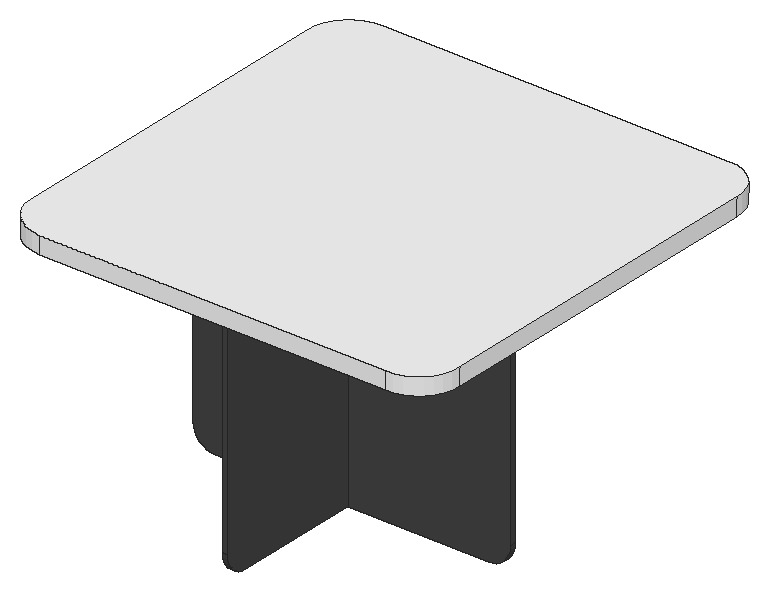
Revit family "Bernhardt_Design-Seating-Tables-Elevation", category Furniture, Revit 2016
Family settings
  OmniClass Number = 23.40.20.00
  OmniClass Title = General Furniture and Specialties
  Work Plane-Based = No
  Always vertical = Yes
  Cut with Voids When Loaded = No
  Shared = No
  Room Calculation Point = No
Parameters (values of type "Elevation T-V10M38")
  Wood = Corian
  URL = "http://www.bernhardtdesign.com"
  TableHalfWidth = TableWidth  # 15 1/2"
  TableHalfLength = TableLength  # 15 1/2"
  SymmetricalFins = no
  TableLength = 15 1/2"
  SKU = "Elevation T-V10M38"
  Model = "Elevation"  # constant formula
  Metal = Aluminum - Matte Black Powdercoat
  Manufacturer = "Bernhardt Design"  # constant formula
  Copyright © [instance] = "Copyright © Bernhardt Design"  # constant formula
  Catalog [instance] = SKU  # "Elevation T-V10M38"
  TableWidth = 15 1/2"
  Authoring Version [instance] = "Autodesk Revit 2016"  # constant formula
  AsymmetricFins = yes
Types (17): name | Wood | TableHalfWidth | TableHalfLength | SymmetricalFins | TableLength | SKU | Metal | Catalog | TableWidth | AsymmetricFins
  (no name) | Corian | 15 1/2" | 15 1/2" | no | 15 1/2" | "Elevation T-V10M38" | Aluminum - Matte Black Powdercoat | "Elevation T-V10M38" | 15 1/2" | yes
  Elevation T-V10MZC | Bernhardt - Oak default | 15 1/2" | 15 1/2" | no | 15 1/2" | "Elevation T-V10MZC" | Aluminum - Bronze Powdercoat | "Elevation T-V10MZC" | 15 1/2" | yes
  Elevation T-V10MZ9 | Bernhardt - Walnut default | 15 1/2" | 15 1/2" | no | 15 1/2" | "Elevation T-V10MZ9" | Aluminum - Bronze Powdercoat | "Elevation T-V10MZ9" | 15 1/2" | yes
  Elevation T-V10MZF | White Laminate | 15 1/2" | 15 1/2" | no | 15 1/2" | "Elevation T-V10MZF" | Aluminum - Bronze Powdercoat | "Elevation T-V10MZF" | 15 1/2" | yes
  Elevation T-V10MZ8 | Corian | 15 1/2" | 15 1/2" | no | 15 1/2" | "Elevation T-V10MZ8" | Aluminum - Bronze Powdercoat | "Elevation T-V10MZ8" | 15 1/2" | yes
  Elevation T-V10M38 | Corian | 15 1/2" | 15 1/2" | no | 15 1/2" | "Elevation T-V10M38" | Aluminum - Matte Black Powdercoat | "Elevation T-V10M38" | 15 1/2" | yes
  Elevation T-V10M39 | Bernhardt - Walnut default | 15 1/2" | 15 1/2" | no | 15 1/2" | "Elevation T-V10M39" | Aluminum - Matte Black Powdercoat | "Elevation T-V10M39" | 15 1/2" | yes
  Elevation T-V10M3C | Bernhardt - Oak default | 15 1/2" | 15 1/2" | no | 15 1/2" | "Elevation T-V10M3C" | Aluminum - Matte Black Powdercoat | "Elevation T-V10M3C" | 15 1/2" | yes
  Elevation T-V10M3F | White Laminate | 15 1/2" | 15 1/2" | no | 15 1/2" | "Elevation T-V10M3F" | Aluminum - Matte Black Powdercoat | "Elevation T-V10M3F" | 15 1/2" | yes
  Elevation T-V60MZF | White Laminate | 18" | 14" | yes | 14" | "Elevation T-V60MZF" | Aluminum - Bronze Powdercoat | "Elevation T-V60MZF" | 18" | no
  Elevation T-V60MZC | Bernhardt - Oak default | 18" | 14" | yes | 14" | "Elevation T-V60MZC" | Aluminum - Bronze Powdercoat | "Elevation T-V60MZC" | 18" | no
  Elevation T-V60MZ9 | Bernhardt - Walnut default | 18" | 14" | yes | 14" | "Elevation T-V60MZ9" | Aluminum - Bronze Powdercoat | "Elevation T-V60MZ9" | 18" | no
  Elevation T-V60MZ8 | Corian | 18" | 14" | yes | 14" | "Elevation T-V60MZ8" | Aluminum - Bronze Powdercoat | "Elevation T-V60MZ8" | 18" | no
  Elevation T-V60M3F | White Laminate | 18" | 14" | yes | 14" | "Elevation T-V60M3F" | Aluminum - Matte Black Powdercoat | "Elevation T-V60M3F" | 18" | no
  Elevation T-V60M3C | Bernhardt - Oak default | 18" | 14" | yes | 14" | "Elevation T-V60M3C" | Aluminum - Matte Black Powdercoat | "Elevation T-V60M3C" | 18" | no
  Elevation T-V60M39 | Bernhardt - Walnut default | 18" | 14" | yes | 14" | "Elevation T-V60M39" | Aluminum - Matte Black Powdercoat | "Elevation T-V60M39" | 18" | no
  Elevation T-V60M38 | Corian | 18" | 14" | yes | 14" | "Elevation T-V60M38" | Aluminum - Matte Black Powdercoat | "Elevation T-V60M38" | 18" | no
Reference planes (in)
  plane 1 "Center Front/Back": y = 0
  plane 2: z = 0
  plane 3 "Center Left/Right": x = 0
  plane 4 "TableTop": z = 19.75125
  plane 5 "TableBottom": z = 18.50125
  plane 6: y = 15.5
  plane 7: y = -15.5
  plane 8: x = -15.5
  plane 9: x = 15.5
Forms (in)
  Extrusion 1, solid, material "Aluminum - Matte Black Powdercoat" <- "Metal", visible <- "SymmetricalFins"
    sketch origin (6.97579, 1.50003, 0) x (0, -1, 0) y (0, 0, 1)
      loop
        line (-9.49991, 18.50125) -> (-9.49991, 1.62538)
        arc (-9.49991, 1.62538) -> (-9.02385, 0.47606) -> (-7.87453, 0) r 1.62538
        line (-7.87453, 0) -> (12.35331, 0)
        arc (12.35331, 0) -> (13.51772, 0.48231) -> (14.00003, 1.64672) r 1.64672
        line (14.00003, 1.64672) -> (14.00003, 18.50125) -> (-9.49991, 18.50125)
    from -0.02415 to 0.35085
  Extrusion 2, solid, material "Corian" <- "Wood"
    sketch origin (0.01563, 0, 18.50125) x (-1, 0, 0) y (0, -1, 0)
      loop
        arc (12.51563, -15.5) -> (14.63695, -14.62132) -> (15.51563, -12.5) r 3
        line (15.51563, -12.5) -> (15.51563, 12.5)
        arc (15.51563, 12.5) -> (14.63695, 14.62132) -> (12.51563, 15.5) r 3
        line (12.51563, 15.5) -> (-12.48437, 15.5)
        arc (-12.48437, 15.5) -> (-14.6057, 14.62132) -> (-15.48437, 12.5) r 3
        line (-15.48437, 12.5) -> (-15.48438, -12.58058)
        arc (-15.48438, -12.58058) -> (-14.6293, -14.64492) -> (-12.56496, -15.5) r 2.91942
        line (-12.56496, -15.5) -> (12.51563, -15.5)
    from 0 to 1.25125
  Extrusion 3, solid, material "Aluminum - Matte Black Powdercoat" <- "Metal", visible <- "AsymmetricFins"
    sketch origin (-20.85934, -1.61544, 0) x (-1, 0, 0) y (0, 0, 1)
      loop
        line (-31.35934, 18.50125) -> (-31.35934, 1.62538)
        arc (-31.35934, 1.62538) -> (-30.88328, 0.47606) -> (-29.73397, 0) r 1.62538
        line (-29.73397, 0) -> (-10.006, 0)
        arc (-10.006, 0) -> (-8.8416, 0.48231) -> (-8.35928, 1.64672) r 1.64672
        line (-8.35928, 1.64672) -> (-8.35928, 18.50125) -> (-31.35934, 18.50125)
    from -0.02415 to 0.35085
  Extrusion 4, solid, material "Aluminum - Matte Black Powdercoat" <- "Metal", visible <- "AsymmetricFins"
    sketch origin (-1.33714, 0.00003, 0) x (0, -1, 0) y (0, 0, 1)
      loop
        line (-10.49997, 18.50125) -> (-10.49997, 1.62538)
        arc (-10.49997, 1.62538) -> (-10.02391, 0.47606) -> (-8.87459, 0) r 1.62538
        line (-8.87459, 0) -> (10.85331, 0)
        arc (10.85331, 0) -> (12.01772, 0.48231) -> (12.50003, 1.64672) r 1.64672
        line (12.50003, 1.64672) -> (12.50003, 18.50125) -> (-10.49997, 18.50125)
    from -0.02415 to 0.35085
  Extrusion 5, solid, material "Aluminum - Matte Black Powdercoat" <- "Metal", visible <- "SymmetricalFins"
    sketch origin (-6.63968, 1.50003, 0) x (0, -1, 0) y (0, 0, 1)
      loop
        line (-9.49991, 18.50125) -> (-9.49991, 1.62538)
        arc (-9.49991, 1.62538) -> (-9.02385, 0.47606) -> (-7.87453, 0) r 1.62538
        line (-7.87453, 0) -> (12.35331, 0)
        arc (12.35331, 0) -> (13.51772, 0.48231) -> (14.00003, 1.64672) r 1.64672
        line (14.00003, 1.64672) -> (14.00003, 18.50125) -> (-9.49991, 18.50125)
    from -0.02415 to 0.35085
Dimensions and locks (in)
  "TableWidth": plane 3 "Center Left/Right" to plane 9
  "TableLength": plane 7 to plane 1 "Center Front/Back"
  level to Extrusion 3 = 18.50125"
  "TableHalfLength": plane 1 "Center Front/Back" to Extrusion 2
  "TableHalfWidth": plane 3 "Center Left/Right" to Extrusion 2
  aligned and locked: level to plane 2
Automatic sketch dimensions
  Extrusion 1 sketch curve to plane 5 "TableBottom" = 0"
  Extrusion 1 sketch curve to level = 0"
  level to Extrusion 1 sketch curve = 1.62538"
  plane 6 to Extrusion 1 sketch curve = 4.50006"
  level to Extrusion 1 sketch curve = 1.64672"
  Extrusion 1 sketch curve to plane 7 = 4.64672"
  Extrusion 2 sketch curve to plane 9 = 0"
  plane 6 to Extrusion 2 sketch curve = 0"
  plane 7 to Extrusion 2 sketch curve = 0"
  plane 8 to Extrusion 2 sketch curve = 0"
  Extrusion 2 sketch curve to Extrusion 2 sketch curve = 2.91942"
  Extrusion 2 sketch curve to plane 7 = 3"  (x2)
  Extrusion 2 sketch curve to Extrusion 2 sketch curve = 3"
  Extrusion 3 sketch curve to plane 5 "TableBottom" = 0"
  Extrusion 3 sketch curve to level = 0"
  level to Extrusion 3 sketch curve = 1.62538"
  plane 9 to Extrusion 3 sketch curve = 5"
  level to Extrusion 3 sketch curve = 1.64672"
  Extrusion 3 sketch curve to plane 8 = 4.64666"
  Extrusion 4 sketch curve to plane 5 "TableBottom" = 0"
  Extrusion 4 sketch curve to level = 0"
  level to Extrusion 4 sketch curve = 1.62538"
  plane 6 to Extrusion 4 sketch curve = 5"
  level to Extrusion 4 sketch curve = 1.64672"
  Extrusion 4 sketch curve to plane 7 = 4.64672"
  Extrusion 5 sketch curve to plane 5 "TableBottom" = 0"
  Extrusion 5 sketch curve to level = 0"
  level to Extrusion 5 sketch curve = 1.62538"
  plane 6 to Extrusion 5 sketch curve = 4.50006"
  level to Extrusion 5 sketch curve = 1.64672"
  Extrusion 5 sketch curve to plane 7 = 4.64672"
